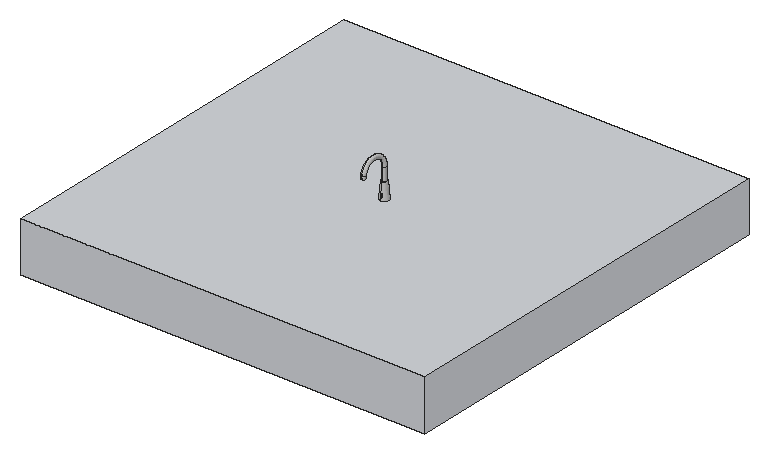
Revit family "ST1030001 Plumbing-Fix_Faucet-Touchless_Stern_Dolphin", category Aparatos sanitarios, Revit 2018
Family settings
  Anfitrión = Cara
  Cota de conector redondo = Diámetro de uso
  Tipo de pieza = Normal
  Número OmniClass = 23.45.55.14
  Título OmniClass = Single Faucets
  Corte con vacíos al cargar = No
  Compartido = No
  Punto de cálculo de habitación = No
Parameters (values of type "Battery Pack 1.58 GPM")
  Vida útil ( ciclos ) = "150.000"
  Tráfico = "Institucional, alto tráfico"
  Tipo = "Grifería Lavamanos"
  Referencia = "ST1030001"
  Presión Mínima = "20 Psi"
  Presión Máxima = "80 Psi"
  Nombre = "Grifería Lavamanos Dolphin Sensor"
  Material de Fabricación = "Latón y componentes poliméricos"
  Marca = "CORONA"
  Garantía = "Garantía de 3 años por defectos de fabricación y cromados. 1 año de garantía para el sistema electrónico."
  Diámetro de conexión = "1/2 pulg. NPSM / de la manguera"
  Cumple LEED = yes
  Cumple EDGE = yes
  Conexión de residuos = no
  Warranty Duration (Years) = 2
  WFU = 0
  Conexión de ventilación = no
  Unit Width = 50.8 mm
  Unit Height = 0 mm
  URL = "https://www.corona.co/producto/griferia-lavamanos-dolphin-sensor/ST1030001"
  Comentarios de tipo = "as Specified"
  Standards Conformance = "as Specified"
  Spout Reach = 0 mm
  Spout Height = 177.8 mm
  Specification = ""
  SpecWizard = ""
  Revision = "R1_2018-04"
  Product Properties = ""
  Product Features = "Security Shut Off Timer"
  Power Supply = "9V Battery"
  Piping_Inlet Diameter = 1/2"
  Piping_Flow = 0 GPM
  Operating Temperature Range = "Up to 149 F / 65 C"
  Operating Pressure Range = "7.26 - 116 PSI  ;  0.5 - 8 bar"
  Modelo = "Dolphin FB"
  Manufacturer Phone - Toll Free = "800-436-4410"
  Manufacturer Phone = ""
  Manufacturer Fax = ""
  Manufacturer Address = "777 Passaic Ave.  Clifton, NJ 07012"
  Fabricante = "Stern Engineering"
  Maintenance Schedule (Months) = 0
  Nota clave = "22 40 00"
  Installation Phase = ""
  HWFU = 1
  Conexión AC = yes
  Green Building-LEED = ""
  Fixture Finish [instance] = Finish - Stern - Chrome
  Expected Lifespan (Years) = 0
  Drawn By = "Sumex Design, Inc. / Robert S. Weygant, CSI, CDT, SCIP"
  Descripción = "Stern Touchless Deck Mounted Faucet - Dolphin FB as Specified"
  Default Elevation = 0 mm
  Costo = 0
  Copyright = "©Arcat Inc."
  Construction Details = ""
  CWFU = 1
  Conexión AF = yes
  Body Construction = ""
  Available Options = "as Specified"
  Código de montaje = "D2010300"
  Accionamiento = "Sensor"
  Accent Color [instance] = Finish - Stern - Black
Reference planes
  plane 1 "Center (Front/Back)": y = 0
  plane 2: z = 0
  plane 3 "Center (Left/Right)": x = 0
  plane 4: z = 177.8
  plane 5: y = -160.338
  plane 6: y = -11.492
  plane 7: z = 246.506
  plane 8: through (0, -11.492, 246.506) normal (0, -0.7071, 0.7071)
  plane 9: z = 269.504
  plane 10: y = -172.066
  plane 11: y = 25.4
  plane 12: x = 25.4
  plane 13: x = -25.4
Forms (mm)
  Extrusion 1, solid
    sketch origin (0, 0, 0) x (1, 0, 0) y (0, 1, 0)
      loop
        line (-1219.2, 1219.2) -> (-1219.2, -1219.2) -> (1219.2, -1219.2) -> (1219.2, 1219.2) -> (-1219.2, 1219.2)
    from 0 to -304.8
  Extrusion 2, solid, material "Finish - Stern - Black" <- "Accent Color", detail levels medium+fine
    sketch origin (0, -2.563, -2.357) x (1, 0, 0) y (0, 0.095846, 0.995396)
      loop
        line (-4.762, 33.337) -> (-4.762, 19.05)
        arc (-4.762, 19.05) -> (0, 14.287) -> (4.763, 19.05) r 4.763
        line (4.763, 19.05) -> (4.763, 33.337)
        arc (4.763, 33.337) -> (0, 38.1) -> (-4.762, 33.337) r 4.763
    from 0 to 23.246
  Extrusion 3, solid, material "Finish - Stern - Chrome" <- "Fixture Finish"
    sketch origin (0, 0, 0) x (1, 0, 0) y (0, 1, 0)
      loop
        circle (0, 0) r 9.939
    from 0 to -36.616
  Revolve 4, solid, material "Finish - Stern - Chrome" <- "Fixture Finish", detail levels medium+fine
    sketch origin (0, 0, 0) x (0, 1, 0) y (0, 0, 1)
      loop
        line (0, 0) -> (25.4, 0) -> (15.943, 99.294)
        arc (15.943, 99.294) -> (15.687, 99.806) -> (15.153, 100.012) r 0.794
        line (15.153, 100.012) -> (0, 100.012) -> (0, 0)
      axis (0, 100.012) -> (0, 0)
    angle from 0 to 360
  Sweep 5, solid, material "Finish - Stern - Chrome" <- "Fixture Finish", detail levels medium+fine
    path origin (0, 0, 0) x (0, 1, 0) y (0, 0, 1)
      loop
        line (-160.338, 177.8) -> (-155.684, 197.372)
        arc (-155.684, 197.372) -> (-69.713, 257.499) -> (0.017, 179.116) r 78.921
        line (0.017, 179.116) -> (0.017, 100.012)
    profile origin (0, -158.011, 187.586) x (0, -0.972875, 0.23133) y (1, 0, 0)
      loop
        circle (0, 0) r 11.509
  Extrusion 6, solid, material "Finish - Stern - Black" <- "Accent Color", detail levels medium+fine
    sketch origin (0, -160.338, 177.8) x (0, 0.972875, -0.23133) y (1, 0, 0)
      loop
        circle (0, 0) r 10.253
    from -3.848 to 0.336
  Revolve 7, void
    sketch origin (0, 0, 0) x (0, 1, 0) y (0, 0, 1)
      loop
        line (-166.944, 199.768) -> (-167.311, 198.224)
        arc (-167.311, 198.224) -> (-166.955, 198.716) -> (-166.356, 198.812) r 0.794
        arc (-166.356, 198.812) -> (-166.848, 199.168) -> (-166.944, 199.768) r 0.794
      axis (-156.114, 195.561) -> (-155.747, 197.105)
    angle from 0 to 360
  Extrusion 8, solid, detail levels coarse
    sketch origin (0, 0, 0) x (1, 0, 0) y (0, 1, 0)
      loop
        line (-25.4, 25.4) -> (-25.4, -172.066) -> (25.4, -172.066) -> (25.4, 25.4) -> (-25.4, 25.4)
    from 0 to 269.572
Cuts and joins
  Revolve 7 cuts Sweep 5
Lines and regions (mm)
  symbolic lines, detail levels medium+fine
    curve 1: arc (0.013, 25.312, 0) -> (-24.614, 5.794, 0) -> (-11.238, -22.64, 0) r 25.296
    curve 2: arc (11.503, -22.588, 0) -> (24.643, 5.892, 0) -> (0.013, 25.312, 0) r 25.328
    curve 3: spline (0.039, -163.151, 0) -> (-1.433, -163.068, 0) -> (-2.88, -162.82, 0) -> (-4.277, -162.412, 0) -> (-5.6, -161.85, 0) -> (-6.826, -161.144, 0) -> (-7.935, -160.306, 0) -> (-8.908, -159.35, 0) -> (-9.727, -158.293, 0) -> (-10.379, -157.154, 0) -> (-10.854, -155.95, 0) -> (-11.141, -154.704, 0) -> (-11.238, -153.435, 0)
    curve 4: spline (11.509, -150.473, 0) -> (11.411, -152.128, 0) -> (11.119, -153.755, 0) -> (10.636, -155.325, 0) -> (9.973, -156.812, 0) -> (9.139, -158.191, 0) -> (8.15, -159.438, 0) -> (7.022, -160.532, 0) -> (5.774, -161.453, 0) -> (4.428, -162.186, 0) -> (3.007, -162.719, 0) -> (1.536, -163.043, 0) -> (0.039, -163.151, 0)
    curve 5: arc (11.503, -0.095, 0) -> (-0.002, 11.41, 0) -> (-11.506, -0.095, 0) r 11.505
    curve 6: arc (-11.506, -11.124, 0) -> (-14.734, 6.249, 0) -> (0, 16.004, 0) r 16.004
    curve 7: arc (0, 16.004, 0) -> (14.734, 6.248, 0) -> (11.503, -11.126, 0) r 16.004
    curve 8: arc (11.503, -160.338, 0) -> (-0.002, -171.842, 0) -> (-11.506, -160.338, 0) r 11.505
    curve 9: line (-11.506, -160.338, 0) -> (-11.506, -0.095, 0)
    curve 10: line (11.503, -160.338, 0) -> (11.503, -0.095, 0)
    curve 11: line (0, -25.4, 0) -> (0, -15.985, 99.054)
    curve 12: line (0, 25.4, 0) -> (0, 15.957, 99.077)
    curve 13: line (0, -15.985, 99.054) -> (0, -15.098, 100.05)
    curve 14: line (0, -15.098, 100.05) -> (0, 15.157, 100.05)
    curve 15: line (0, 15.157, 100.05) -> (0, 15.957, 99.077)
    curve 16: line (0, -10.92, 100.05) -> (0, -10.92, 177.87)
    curve 17: line (0, 11.527, 100.05) -> (0, 11.527, 177.8)
    curve 18: arc (0, -10.92, 177.87) -> (0, -30.927, 226.17) -> (0, -79.227, 246.177) r 68.307
    curve 19: arc (0, 11.527, 177.8) -> (0, -15.339, 242.659) -> (0, -80.198, 269.525) r 91.725
    curve 20: arc (0, -78.464, 269.508) -> (0, -135.275, 249.793) -> (0, -167.66, 199.122) r 91.708
    curve 21: arc (0, -79.227, 246.177) -> (0, -121.34, 231.381) -> (0, -145.364, 193.76) r 68.414
    curve 22: line (0, -167.66, 199.122) -> (0, -145.364, 193.76)
    curve 23: line (0, -167.66, 199.122) -> (0, -172.066, 180.589)
    curve 24: line (0, -172.066, 180.589) -> (0, -149.757, 175.284)
    curve 25: line (0, -145.364, 193.76) -> (0, -149.757, 175.284)
    curve 26: line (-25.5, 0, 0) -> (-15.99, 0, 99.044)
    curve 27: line (25.346, 0, 0) -> (15.943, 0, 99.273)
    curve 28: line (-15.99, 0, 99.044) -> (-15.09, 0, 100.104)
    curve 29: line (-15.09, 0, 100.104) -> (15.192, 0, 100.104)
    curve 30: line (15.192, 0, 100.104) -> (15.943, 0, 99.273)
    curve 31: arc (-11.5, 0, 258.007) -> (0, 0, 269.507) -> (11.5, 0, 258.007) r 11.5
    curve 32: line (-11.5, 0, 258.007) -> (-11.5, 0, 100.104)
    curve 33: line (11.5, 0, 258.007) -> (11.5, 0, 100.104)
    curve 34: spline (0, 0, 180.462) -> (-2.979, 0, 180.372) -> (-5.755, 0, 180.106) -> (-8.138, 0, 179.683) -> (-9.967, 0, 179.131) -> (-11.117, 0, 178.489) -> (-11.509, 0, 177.8) -> (-11.117, 0, 177.111) -> (-9.967, 0, 176.469) -> (-8.138, 0, 175.917) -> (-5.755, 0, 175.494) -> (-2.979, 0, 175.228) -> (0, 0, 175.138)
    curve 35: spline (0, 0, 175.138) -> (2.979, 0, 175.228) -> (5.755, 0, 175.494) -> (8.138, 0, 175.917) -> (9.967, 0, 176.469) -> (11.117, 0, 177.111) -> (11.509, 0, 177.8) -> (11.117, 0, 178.489) -> (9.967, 0, 179.131) -> (8.138, 0, 179.683) -> (5.755, 0, 180.106) -> (2.979, 0, 180.372) -> (0, 0, 180.462)
    curve 45: line (-11.5, 0, 195.315) -> (0, 0, 198.831)
    curve 46: line (11.5, 0, 195.315) -> (0, 0, 198.831)
  symbolic lines, detail levels fine
    curve 36: spline (4.763, 0, 33.055) -> (4.6, 0, 34.282) -> (4.124, 0, 35.426) -> (3.368, 0, 36.408) -> (2.381, 0, 37.161) -> (1.233, 0, 37.634) -> (0, 0, 37.796) -> (-1.233, 0, 37.634) -> (-2.381, 0, 37.161) -> (-3.368, 0, 36.408) -> (-4.124, 0, 35.426) -> (-4.6, 0, 34.282) -> (-4.762, 0, 33.055)
    curve 37: spline (-4.762, 0, 30.827) -> (-4.6, 0, 32.054) -> (-4.124, 0, 33.198) -> (-3.368, 0, 34.179) -> (-2.381, 0, 34.933) -> (-1.233, 0, 35.406) -> (0, 0, 35.568) -> (1.233, 0, 35.406) -> (2.381, 0, 34.933) -> (3.368, 0, 34.179) -> (4.124, 0, 33.198) -> (4.6, 0, 32.054) -> (4.763, 0, 30.827)
    curve 38: line (4.763, 0, 16.606) -> (4.763, 0, 33.055)
    curve 39: line (-4.762, 0, 33.055) -> (-4.762, 0, 16.606)
    curve 40: spline (-4.762, 0, 18.834) -> (-4.6, 0, 17.607) -> (-4.124, 0, 16.463) -> (-3.368, 0, 15.482) -> (-2.381, 0, 14.728) -> (-1.233, 0, 14.255) -> (0, 0, 14.093) -> (1.233, 0, 14.255) -> (2.381, 0, 14.728) -> (3.368, 0, 15.482) -> (4.124, 0, 16.463) -> (4.6, 0, 17.607) -> (4.763, 0, 18.834)
    curve 41: spline (4.763, 0, 16.606) -> (4.6, 0, 15.379) -> (4.124, 0, 14.235) -> (3.368, 0, 13.254) -> (2.381, 0, 12.5) -> (1.233, 0, 12.027) -> (0, 0, 11.865) -> (-1.233, 0, 12.027) -> (-2.381, 0, 12.5) -> (-3.368, 0, 13.254) -> (-4.124, 0, 14.235) -> (-4.6, 0, 15.379) -> (-4.762, 0, 16.606)
    curve 42: line (0, -21.804, 37.829) -> (0, 1.094, 35.625)
    curve 43: line (0, 1.094, 35.625) -> (0, -1.193, 11.865)
    curve 44: line (0, -1.193, 11.865) -> (0, -24.066, 14.039)
  symbolic lines, detail levels coarse
    curve 47: line (-24.722, 0, 269.517) -> (25.346, 0, 269.517)
    curve 48: line (-24.722, 0, 0) -> (-24.722, 0, 269.517)
    curve 49: line (25.346, 0, 0) -> (-24.722, 0, 0)
    curve 50: line (25.346, 0, 269.517) -> (25.346, 0, 0)
    curve 51: line (0, -172.066, 269.504) -> (0, 25.4, 269.504)
    curve 52: line (0, -172.066, 0) -> (0, -172.066, 269.504)
    curve 53: line (0, 25.4, 0) -> (0, -172.066, 0)
    curve 54: line (0, 25.4, 269.504) -> (0, 25.4, 0)
    curve 55: line (-25.4, 25.4, 0) -> (25.4, 25.4, 0)
    curve 56: line (-25.4, -172.066, 0) -> (-25.4, 25.4, 0)
    curve 57: line (25.4, -172.066, 0) -> (-25.4, -172.066, 0)
    curve 58: line (25.4, 25.4, 0) -> (25.4, -172.066, 0)
Dimensions and locks
  "Spout Height": plane 4 to level
  locked: Extrusion 2 sketch curve to Extrusion 2 sketch curve at 14.287
  plane 5 to plane 1 "Center (Front/Back)" = 160.338 mm
  aligned and locked: plane 2 to Extrusion 1
  aligned and locked: level to Extrusion 1
Automatic sketch dimensions
  Extrusion 1 sketch curve to Extrusion 1 sketch curve = 2438.4 mm  (x2)
  plane 1 "Center (Front/Back)" to Extrusion 3 sketch curve = 0 mm
  Extrusion 3 sketch curve to plane 3 "Center (Left/Right)" = 0 mm
  Revolve 4 sketch curve to plane 1 "Center (Front/Back)" = 0 mm  (x2)
  Revolve 4 sketch curve to level = 0 mm
  Revolve 4 sketch curve to Revolve 4 sketch curve = 15.153 mm
  Revolve 4 sketch curve to Revolve 4 sketch curve = 0.79 mm
  Revolve 4 sketch curve to Revolve 4 sketch curve = 25.4 mm
  Revolve 4 sketch curve to plane 4 = 78.581 mm
  Revolve 4 sketch curve to Revolve 4 sketch curve = 0.075 mm
  Revolve 4 sketch curve to level = 50.8 mm
  Revolve 4 sketch curve to Revolve 4 sketch curve = 17.462 mm
  Sweep 5 sketch curve to plane 3 "Center (Left/Right)" = 0 mm
  Sweep 5 sketch curve to profile plane = 0 mm
  Sweep 5 sketch curve to plane 4 = 0 mm
  Sweep 5 sketch curve to plane 5 = 0 mm
  plane 5 to Sweep 5 sketch curve = 4.654 mm
  Sweep 5 sketch curve to plane 4 = 77.788 mm
  plane 4 to Sweep 5 sketch curve = 1.316 mm
  plane 1 "Center (Front/Back)" to Sweep 5 sketch curve = 78.904 mm
  Sweep 5 sketch curve to plane 1 "Center (Front/Back)" = 0.017 mm
  Revolve 7 sketch curve to plane 4 = 0 mm
  Revolve 7 sketch curve to plane 5 = 0 mm
  Revolve 7 sketch curve to plane 5 = 5.835 mm
  Revolve 7 sketch curve to Revolve 7 sketch curve = 0.184 mm  (x3)
  Revolve 7 sketch curve to Revolve 7 sketch curve = 0.589 mm
  Revolve 7 sketch curve to Revolve 7 sketch curve = 0.367 mm  (x2)
  plane 4 to Revolve 7 sketch curve = 20.24 mm
  Revolve 7 sketch curve to Revolve 7 sketch curve = 0.772 mm  (x2)
  plane 5 to Revolve 7 sketch curve = 3.209 mm
  Revolve 7 sketch curve to Revolve 7 sketch curve = 6.743 mm
  Revolve 7 sketch curve to Revolve 7 sketch curve = 0 mm  (x2)
  Extrusion 2 sketch curve to plane 3 "Center (Left/Right)" = 0 mm
  Extrusion 2 sketch curve to Extrusion 2 sketch curve = 4.762 mm
  curve 26 to level = 0 mm
  curve 48 to level = 0 mm
  curve 34 to plane 4 = 0 mm
  curve 31 to plane 3 "Center (Left/Right)" = 0 mm
  curve 46 to plane 3 "Center (Left/Right)" = 0 mm
  curve 36 to plane 3 "Center (Left/Right)" = 0 mm
  curve 35 to plane 3 "Center (Left/Right)" = 0 mm
  curve 26 to curve 29 = 0.9 mm
  curve 32 to plane 3 "Center (Left/Right)" = 11.5 mm
  curve 39 to plane 3 "Center (Left/Right)" = 4.762 mm
  curve 33 to curve 30 = 3.692 mm
  curve 29 to curve 30 = 0.751 mm
  level to curve 38 = 16.606 mm
  curve 39 to curve 39 = 16.45 mm
  curve 39 to curve 26 = 65.989 mm
  curve 26 to curve 30 = 0.229 mm
  curve 26 to curve 28 = 1.06 mm
  curve 34 to plane 3 "Center (Left/Right)" = 11.509 mm
  curve 35 to curve 34 = 0 mm
  curve 41 to curve 40 = 2.228 mm
  curve 37 to curve 36 = 2.228 mm
  curve 35 to plane 4 = 2.662 mm
  curve 46 to curve 45 = 3.516 mm
  curve 28 to curve 32 = 3.59 mm
  curve 47 to curve 32 = 13.222 mm
  curve 26 to curve 48 = 0.778 mm
  plane 7 to curve 31 = 11.501 mm
  curve 31 to curve 47 = 13.846 mm
  curve 32 to curve 47 = 11.51 mm
  curve 34 to curve 46 = 18.368 mm
  curve 45 to curve 45 = 3.516 mm
  plane 9 to curve 51 = 0 mm
  curve 24 to plane 10 = 0 mm
  curve 19 to plane 4 = 0 mm
  curve 19 to plane 8 = 0 mm
  curve 20 to plane 4 = 0 mm
  curve 12 to level = 0 mm
  curve 12 to plane 11 = 0 mm
  curve 23 to plane 10 = 4.407 mm
  curve 25 to plane 4 = 2.516 mm
  plane 5 to curve 25 = 10.581 mm
  plane 5 to curve 25 = 14.974 mm
  plane 4 to curve 18 = 0.07 mm
  curve 19 to curve 18 = 0.971 mm
  curve 21 to plane 4 = 0.036 mm
  curve 18 to curve 21 = 0.381 mm
  curve 21 to curve 20 = 0.382 mm
  plane 6 to curve 13 = 4.492 mm
  curve 11 to curve 14 = 0.887 mm
  curve 16 to plane 6 = 0.572 mm
  plane 1 "Center (Front/Back)" to curve 44 = 1.193 mm
  curve 43 to plane 1 "Center (Front/Back)" = 1.094 mm
  curve 17 to curve 15 = 3.63 mm
  curve 14 to curve 12 = 0.8 mm
  level to curve 43 = 11.865 mm
  curve 43 to curve 42 = 23.76 mm
  curve 42 to curve 13 = 63.429 mm
  curve 11 to curve 15 = 0.023 mm
  curve 12 to curve 15 = 0.974 mm
  plane 6 to curve 11 = 13.908 mm
  plane 11 to curve 55 = 0 mm
  curve 55 to plane 13 = 0 mm
  curve 9 to plane 5 = 0 mm
  plane 10 to curve 57 = 0 mm
  curve 57 to plane 12 = 0 mm
  curve 9 to plane 3 "Center (Left/Right)" = 11.506 mm
  curve 8 to plane 3 "Center (Left/Right)" = 0.002 mm
  curve 7 to plane 1 "Center (Front/Back)" = 0 mm
  curve 7 to plane 3 "Center (Left/Right)" = 0 mm
  plane 3 "Center (Left/Right)" to curve 1 = 0.013 mm
  plane 3 "Center (Left/Right)" to curve 2 = 0.014 mm
  plane 1 "Center (Front/Back)" to curve 5 = 0.095 mm
  plane 1 "Center (Front/Back)" to curve 2 = 0.016 mm
  plane 1 "Center (Front/Back)" to curve 6 = 0 mm
  curve 1 to plane 1 "Center (Front/Back)" = 0.016 mm
  curve 9 to curve 3 = 0.268 mm
  curve 1 to plane 3 "Center (Left/Right)" = 11.238 mm
  plane 3 "Center (Left/Right)" to curve 3 = 0.039 mm
  curve 3 to curve 4 = 0.194 mm
  curve 3 to plane 5 = 2.814 mm
  plane 5 to curve 3 = 6.902 mm
  curve 3 to curve 4 = 2.962 mm
  plane 6 to curve 1 = 11.148 mm
  curve 7 to plane 6 = 0.366 mm
  plane 10 to Extrusion 8 sketch curve = 0 mm
  Extrusion 8 sketch curve to plane 13 = 0 mm
  Extrusion 8 sketch curve to plane 12 = 0 mm
  plane 11 to Extrusion 8 sketch curve = 0 mm
  radius of Extrusion 3 sketch curve = 9.939 mm
  radius of Sweep 5 sketch curve = 11.509 mm
  radius of Extrusion 6 sketch curve to Sweep 5 = 1.256 mm
Connectors
  piping at (0, 0, -36.616), diameter 12.7, driven by "Piping_Flow", driven by "Piping_Inlet Diameter"
    settings: on Extrusion 3, index 2, connector inside diameter 24", connector length 0 mm, flow factor 0, pipe flow 0 GPM, pressure drop 0.00 psi, fitting loss kfactor 0, connector angle 0.00°, fixture units 0, engagement length 0 mm, angle of deflection 0.00°, flow configuration 0, flow direction 1, fitting loss method 0, system type 22, joint type 0, gender type 0, connector reference index -1, connector utility 0, adjustable connector no, is connector primary yes, connector description "Tempered Inlet"
  electrical at (0, 0, 0)
    settings: on Revolve 4, index 4, voltage 0 V, apparent load 0 VA, apparent load phase1 0 VA, apparent load phase2 0 VA, apparent load phase3 0 VA, power factor 1, load classification "Other", number of poles 1, system type 13, power factor state 1, is connector primary yes, connector utility no, sub classification motor no, connector description ""
